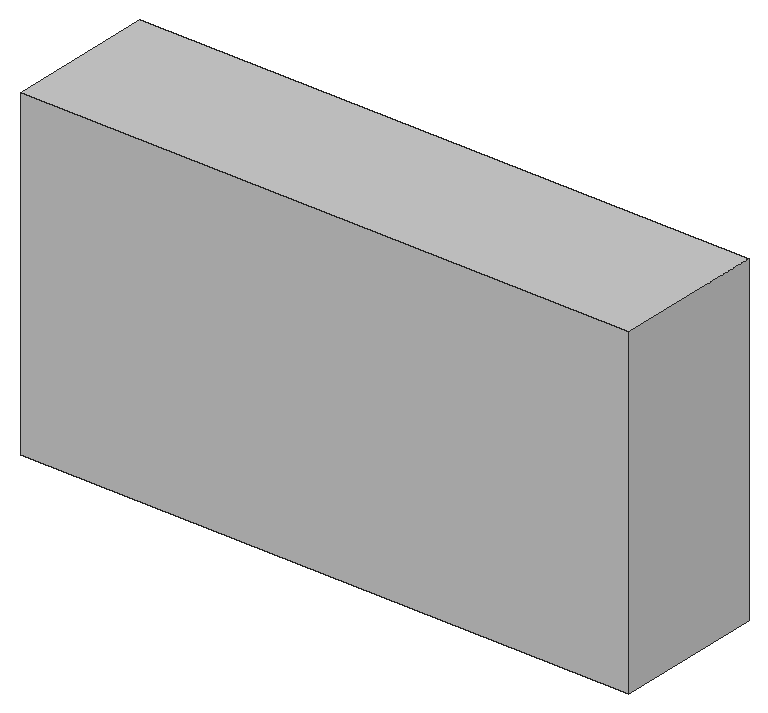
Revit family "Béton - Poutre rectangulaire", category Ossature, Revit 2017
Family settings
  Afficher dans les vues cachées = Arêtes cachées par d'autres membres
  Arrondi de la longueur d'ossature = 0 mm
  Forme de coupe = Non définie
  Matériau pour le comportement du modèle = Béton
  Toujours exporter comme géométrie = Non
  Numéro OmniClass = 23.25.30.11.14.14
  Titre OmniClass = Beams
  Toujours verticalement = Oui
  Couper avec des vides une fois chargée = Non
  Représentation symbolique = De la famille
  Partagée = Non
  Afficher le prédécoupage de famille dans les vues en plan = Oui
Parameters (values of type "30x65ht")
  Poutre type = ""
  Structural Material [instance] = Béton, coulé sur place gris
  Largeur = 300 mm
  Hauteur = 650 mm
  Assembly Code = ""
  Length [instance] = 1524 mm
Types (56, lengths in mm): name | Poutre type | Structural Material | Largeur | Hauteur
  Linteau 20x35ht | "Linteau" | Béton, coulé sur place gris | 200 | 350
  25x30ht | "" | Béton, coulé sur place gris | 250 | 300
  65x75ht | "" | Béton, coulé sur place gris | 650 | 750
  50x65ht | "" | Béton, coulé sur place gris | 500 | 650
  30x35ht | "" | Béton, coulé sur place gris | 300 | 350
  35x40ht | "" | Béton, coulé sur place gris | 350 | 400
  20x30ht | "" | Béton, coulé sur place gris | 200 | 300
  BN 20x20ht | "BN" | Béton, coulé sur place gris | 200 | 200
  70x75ht | "" | Béton, coulé sur place gris | 700 | 750
  L 55x65ht | "L" | Béton, coulé sur place gris | 550 | 650
  BN 30x20ht | "BN" | Béton, coulé sur place gris | 300 | 200
  L 30x50ht | "L" | Béton, coulé sur place gris | 300 | 500
  L 65x75ht | "L" | Béton, coulé sur place gris | 650 | 750
  20x35ht | "" | Béton, coulé sur place gris | 200 | 350
  L 60x70ht | "" | Béton, coulé sur place gris | 650 | 700
  30x40ht | "" | Béton, coulé sur place gris | 300 | 400
  BN 50x20ht | "BN" | Béton, coulé sur place gris | 500 | 200
  40x60ht | "" | Béton, coulé sur place gris | 400 | 600
  20x40ht | "" | Béton, coulé sur place gris | 200 | 400
  30x65ht | "" | Béton, coulé sur place gris | 300 | 650
  20x65ht | "" | Béton, coulé sur place gris | 200 | 650
  35x70ht | "" | Béton, coulé sur place gris | 350 | 700
  45x65ht | "" | Béton, coulé sur place gris | 450 | 650
  40x65ht | "" | Béton, coulé sur place gris | 400 | 650
  60x70ht | "" | Béton, coulé sur place gris | 600 | 700
  L 50x60ht | "L" | Béton, coulé sur place gris | 500 | 600
  Talon PV | "Talon PV" | Béton, coulé sur place gris | 180 | 200
  18x23ht | "" | BETON | 180 | 230
  18x30ht | "" | BETON | 180 | 300
  18x40ht | "" | BETON | 180 | 400
  18x60h | "" | Béton, coulé sur place gris | 180 | 600
  20x25ht | "" | Béton, coulé sur place gris | 200 | 250
  20x50ht | "" | Béton, coulé sur place gris | 200 | 500
  20x60ht | "" | Béton, coulé sur place gris | 200 | 600
  25x40ht | "" | Béton, coulé sur place gris | 250 | 400
  25x50ht | "" | Béton, coulé sur place gris | 250 | 500
  30x60ht | "" | Béton, coulé sur place gris | 300 | 600
  40x50ht | "" | Béton, coulé sur place gris | 400 | 500
  45x60ht | "" | Béton, coulé sur place gris | 450 | 600
  30x50ht | "" | Béton, coulé sur place gris | 300 | 500
  50x60ht | "" | Béton, coulé sur place gris | 500 | 600
  55x65ht | "" | BETON | 550 | 650
  BN 40x20ht | "BN" | Béton, coulé sur place gris | 400 | 200
  0.600 x 0.600 m | "Talon PV" | Béton, coulé sur place gris | 600 | 600
  0.500 x 0.550 m | "Talon PV" | Béton, coulé sur place gris | 500 | 550
  65x65ht | "" | Béton, coulé sur place gris | 650 | 650
  0.550 x 0.600 m | "Talon PV" | Béton, coulé sur place gris | 550 | 600
  0.600 x 0.650 m | "Talon PV" | Béton, coulé sur place gris | 600 | 650
  20x20ht | "" | Béton, coulé sur place gris | 200 | 200
  18x20ht | "" | Béton, coulé sur place gris | 180 | 200
  40x55ht | "" | Béton, coulé sur place gris | 400 | 550
  0.450 x 0.550 m | "" | Béton, coulé sur place gris | 450 | 550
  0.400 x 0.550 m | "Talon PV" | Béton, coulé sur place gris | 400 | 550
  0.250 x 0.600 m | "" | Béton, coulé sur place gris | 250 | 600
  BN 18x20ht | "BN" | Béton, coulé sur place gris | 180 | 200
  L 20x30ht | "L" | Béton, coulé sur place gris | 200 | 300
Reference planes
  plane 1 "Centre (avant/arrière)": y = 0
  plane 2: z = 0
  plane 3 "Centre (gauche/droite)": x = 4.61
  plane 4 "Membre gauche": x = -604.99
  plane 5 "Membre droit": x = 614.21
  plane 6: y = 150
  plane 7: y = -150
  plane 8: z = 325
  plane 9 "Bas": z = -325
  plane 10 "Gauche": x = -757.39
  plane 11 "Droite": x = 766.61
Forms (mm)
  Sweep 1, solid, material "Béton, coulé sur place gris" <- "Structural Material"
    path origin (0, 0, 0) x (1, 0, 0) y (0, 1, 0)
      loop
        line (614.21, 0) -> (-604.99, 0)
    profile "M_Poutre rectangulaire-Profil : M_Poutre rectangulaire-Profil" origin (4.61, 0, 0) x (0, -1, 0) y (0, 0, 1)
      loop
        line (-150, -325) -> (150, -325) -> (150, 325) -> (-150, 325) -> (-150, -325)
Dimensions and locks
  "Largeur": plane 6 to plane 7
  equal spacing: plane 9 "Bas", plane 2, plane 8
  equal spacing: plane 6, plane 1 "Centre (avant/arrière)", plane 7
  "Hauteur": plane 9 "Bas" to plane 8
  "Length": plane 10 "Gauche" to plane 11 "Droite"
  aligned and locked: Sweep 1 sketch curve to plane 1 "Centre (avant/arrière)"
  aligned and locked: plane 4 "Membre gauche" to Sweep 1 sketch curve
  aligned and locked: plane 5 "Membre droit" to Sweep 1 sketch curve
